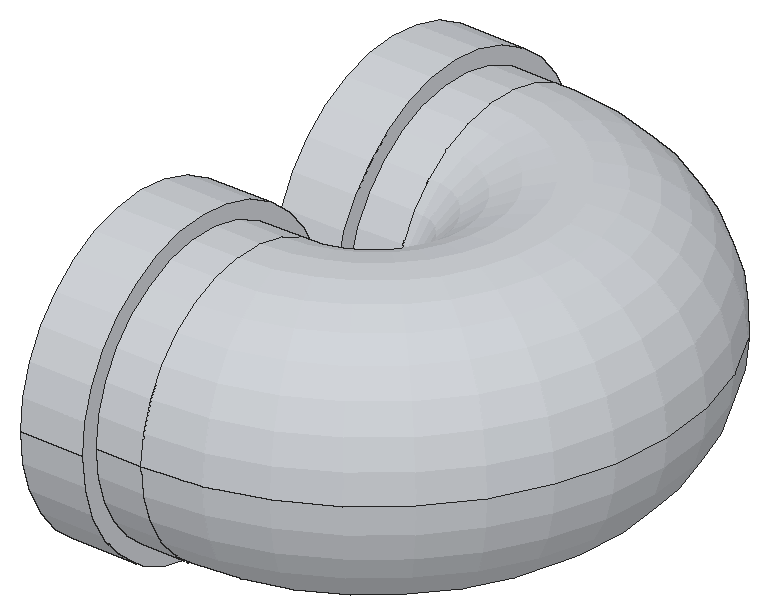
Revit family "M_Return Bend Medium-Pattern - Threaded - MI - Class 150", category Pipe Fittings, Revit 2014
Parameters (values of type "Standard")
  Tick Size [instance] = Fitting Outside Diameter * 0.4  # 10.88 mm
  Thread Length [instance] = size_lookup(Lookup Table Name, "TLgt", 0.19 * Nominal Diameter + 9.624 mm, Nominal Diameter)  # 10.9 mm
  Nominal Radius [instance] = 7.5 mm
  Nominal Diameter [instance] = Nominal Radius * 2  # 15 mm
  Metal Thickness [instance] = size_lookup(Lookup Table Name, "MThk", 0.06 * Nominal Diameter + 2.282 mm, Nominal Diameter)  # 2.95 mm
  Lookup Table Name = "M_Return Bend Medium-Pattern - Threaded - MI - Class 150"
  Length 1 [instance] = Fitting Inside Diameter + 2 * Metal Thickness + 0.794 mm  # 27.994 mm
  Half Center to Center [instance] = 0.5 * Center to Center  # 15.9 mm
  Fitting Outside Radius [instance] = Fitting Outside Diameter / 2  # 13.6 mm
  Fitting Outside Diameter [instance] = Fitting Inside Diameter + Metal Thickness * 2  # 27.2 mm
  Fitting Inside Diameter [instance] = size_lookup(Lookup Table Name, "FID", 1.06 * Nominal Diameter + 6.052 mm, Nominal Diameter)  # 21.3 mm
  Center to Center [instance] = if(Center to Center 1 > Fitting Inside Diameter + 2 * Metal Thickness, Center to Center 1, Length 1)  # 31.8 mm
  Center to Center 1 [instance] = size_lookup(Lookup Table Name, "CtC", 1.26 * Nominal Diameter + 14.188 mm, Nominal Diameter)  # 31.8 mm
  Band Width [instance] = size_lookup(Lookup Table Name, "BWid", 0.12 * Nominal Diameter + 4.564 mm, Nominal Diameter)  # 6.3 mm
  Band Outside Radius [instance] = Band Outside Diameter / 2  # 15.2 mm
  Band Outside Diameter [instance] = size_lookup(Lookup Table Name, "BOD", 1.22 * Nominal Diameter + 13.295 mm, Nominal Diameter)  # 30.4 mm
Reference planes
  plane 1 "Center (Front/Back)": y = 0
  plane 2: z = 0
  plane 3 "Center (Left/Right)": x = 0
  plane 4: y = -31.8
  plane 5: x = 6.3
  plane 6: x = 10.9
  plane 7: y = -15.9
Forms (mm)
  Sweep 1, solid, detail levels fine
    path origin (0, 0, 0) x (1, 0, 0) y (0, 1, 0)
      loop
        line (0, 0) -> (6.3, 0)
    profile origin (3.15, 0, 0) x (0, 1, 0) y (0, 0, 1)
      loop
        circle (0, 0) r 15.2
  Sweep 2, solid, detail levels fine
    path origin (0, 0, 0) x (1, 0, 0) y (0, 1, 0)
      loop
        line (0, -31.8) -> (6.3, -31.8)
    profile origin (3.15, -31.8, 0) x (0, 1, 0) y (0, 0, 1)
      loop
        circle (0, 0) r 15.2
  Sweep 3, solid, detail levels fine
    path origin (0, 0, 0) x (1, 0, 0) y (0, 1, 0)
      loop
        line (6.3, 0) -> (10.9, 0)
        arc (10.9, 0) -> (26.8, -15.9) -> (10.9, -31.8) r 15.9
        line (10.9, -31.8) -> (6.3, -31.8)
    profile origin (26.8, -15.9, 0) x (1, 0, 0) y (0, 0, 1)
      loop
        circle (0, 0) r 13.6
Cuts and joins
  joined: Sweep 1, Sweep 2, Sweep 3
Lines and regions (mm)
  model lines, detail levels coarse+medium
    curve 1: line (0, -31.8, 0) -> (10.9, -31.8, 0)
    curve 2: line (0, 0, 0) -> (10.9, 0, 0)
    curve 3: arc (10.9, 0, 0) -> (26.8, -15.9, 0) -> (10.9, -31.8, 0) r 15.9
    curve 4: line (0, 10.88, 0) -> (0, -10.88, 0)
    curve 5: line (0, -20.92, 0) -> (0, -42.68, 0)
Dimensions and locks
  "Center to Center": plane 4 to plane 1 "Center (Front/Back)"
  "Band Width": plane 3 "Center (Left/Right)" to plane 5
  "Thread Length": plane 3 "Center (Left/Right)" to plane 6
  equal spacing: plane 4, plane 7, plane 1 "Center (Front/Back)"
  "Tick Size": curve 4 to curve 2  (x2)
  "Tick Size": curve 5 to curve 1
  "Tick Size": curve 1 to curve 5
  "Band Outside Radius": radius of Sweep 1 sketch curve
  "Band Outside Radius": radius of Sweep 2 sketch curve
  "Half Center to Center": radius of Sweep 3 sketch curve
  "Fitting Outside Radius": radius of Sweep 3 sketch curve
  "Half Center to Center": radius of curve 3
  aligned and locked: plane 3 "Center (Left/Right)" to Sweep 1 sketch curve
  aligned and locked: plane 5 to Sweep 1 sketch curve
  aligned and locked: plane 1 "Center (Front/Back)" to Sweep 1 sketch curve  (x2)
  aligned and locked: plane 2 to Sweep 1 sketch curve
  aligned and locked: plane 3 "Center (Left/Right)" to Sweep 2 sketch curve
  aligned and locked: Sweep 2 sketch curve to plane 4
  aligned and locked: plane 2 to Sweep 2 sketch curve
  aligned and locked: plane 4 to Sweep 2 sketch curve
  aligned and locked: plane 7 to Sweep 3 sketch curve
  aligned and locked: plane 6 to Sweep 3 sketch curve
  aligned and locked: Sweep 1 to Sweep 3 sketch curve
  aligned and locked: plane 1 "Center (Front/Back)" to Sweep 3 sketch curve
  aligned and locked: Sweep 2 to Sweep 3 sketch curve
  aligned and locked: Sweep 3 sketch curve to plane 4
  aligned and locked: plane 7 to curve 3
  aligned and locked: plane 6 to curve 3
  aligned and locked: plane 1 "Center (Front/Back)" to curve 2
  aligned and locked: curve 1 to plane 4
  aligned and locked: curve 4 to plane 3 "Center (Left/Right)"
  aligned and locked: curve 5 to plane 3 "Center (Left/Right)"
  aligned and locked: plane 6 to curve 2
  aligned and locked: plane 6 to curve 1
Automatic sketch dimensions
  Sweep 2 sketch curve to plane 5 = 0 mm
  Sweep 3 sketch curve to level = 0 mm
  Sweep 3 sketch curve to profile plane = 0 mm
Connectors
  piping at (0, 0, 0), diameter 15, driven by "Nominal Radius"
    settings: on Sweep 1, index 1, connector inside diameter 15 mm, connector length 0 mm, flow factor 0, pipe flow 0.0 L/s, pressure drop 0.0 Pa, fitting loss kfactor 0, connector angle 0.00°, fixture units 0, engagement length 0 mm, angle of deflection 0.00°, flow configuration 0, flow direction 0, fitting loss method 0, system type 28, joint type 0, gender type 0, connector reference index 2, connector utility 0, adjustable connector no, is connector primary yes, connector description ""
  piping at (0, -31.8, 0), diameter 15, driven by "Nominal Radius"
    settings: on Sweep 2, index 2, connector inside diameter 15 mm, connector length 0 mm, flow factor 0, pipe flow 0.0 L/s, pressure drop 0.0 Pa, fitting loss kfactor 0, connector angle 0.00°, fixture units 0, engagement length 0 mm, angle of deflection 0.00°, flow configuration 0, flow direction 0, fitting loss method 0, system type 28, joint type 0, gender type 0, connector reference index 1, connector utility 0, adjustable connector no, is connector primary no, connector description ""
